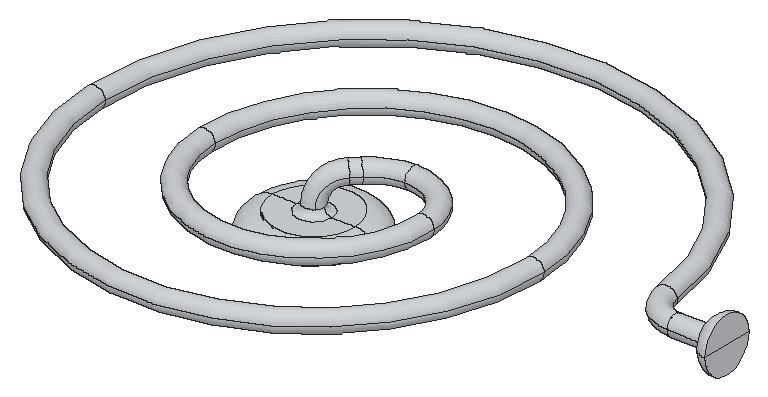
Revit family
Parameters
  Material = none
  Manufacturer = "Revit"
  Description = "Shower"
  Assembly Code = "D2010710"
Reference planes
  plane 1 "Center (Front/Back)": y = 0
  plane 2: z = 0
  plane 3 "Center (Left/Right)": x = 0
  plane 4: y = 80
  plane 5 "2": through (-56.569, 56.569, 0) normal (-0.7071, 0.7071, 0)
  plane 6: through (0, 0, 0) normal (0.7071, 0.7071, 0)
  plane 7: through (-38.34, -38.34, 0) normal (-0.7071, -0.7071, 0)
  plane 8: y = 18.229
  plane 9: x = 573.506
Forms (mm)
  Sweep 1, solid, material <- "Material"
    path origin (0, 0, 0) x (1, 0, 0) y (0, 1, 0)
      loop
        line (497.214, 0) -> (447.214, 0)
        arc (447.214, 0) -> (413.88, 12.732) -> (397.523, 44.444) r 50
        arc (397.523, 44.444) -> (-22.257, 399.38) -> (-400, 0) r 400
        arc (-400, 0) -> (-80, -320) -> (240, 0) r 320
        arc (240, 0) -> (0, 240) -> (-240, 0) r 240
        arc (-240, 0) -> (-80, -160) -> (80, 0) r 160
        arc (80, 0) -> (56.569, 56.569) -> (0, 80) r 80
        arc (0, 80) -> (-30.615, 73.91) -> (-56.569, 56.569) r 80
    profile origin (0, 0, 0) x (-0.993808, -0.111111, 0) y (0, 0, 1)
      loop
        circle (-400, 0) r 15
  Sweep 2, solid, material <- "Material"
    path origin (-56.569, 56.569, 0) x (-0.707107, -0.707107, 0) y (0, 0, 1)
      loop
        line (0, 0) -> (15, 0)
        arc (15, 0) -> (42.733, -11.488) -> (54.221, -39.221) r 39.221
    profile origin (-5.303, -5.303, 0) x (0, 0, 1) y (-0.707107, 0.707107, 0)
      loop
        circle (0, 80) r 15
  Revolve 3, solid, material <- "Material"
    sketch origin (0, 18.229, 0) x (1, 0, 0) y (0, 0, 1)
      loop
        line (-94.908, -39.221) -> (-109.931, -39.221)
        arc (-109.931, -39.221) -> (-113.266, -46.266) -> (-120.515, -49.129) r 10.607
        line (-120.515, -49.129) -> (-155.503, -49.129)
        arc (-155.503, -49.129) -> (-174.485, -54.759) -> (-187.33, -69.827) r 34.819
        line (-187.33, -69.827) -> (-94.908, -69.827) -> (-94.908, -39.221)
      axis (-94.908, -39.221) -> (-94.908, -69.827)
    angle from 0 to 360
  Revolve 4, solid, material <- "Material"
    sketch origin (0, 0, 0) x (1, 0, 0) y (0, 1, 0)
      loop
        line (497.214, 0) -> (521.619, 0) -> (521.619, 39.406)
        arc (521.619, 39.406) -> (504.362, 32.258) -> (497.214, 15) r 24.406
        line (497.214, 15) -> (497.214, 0)
      axis (497.214, 0) -> (521.619, 0)
    angle from 0 to 360
Dimensions and locks
  aligned and locked: Sweep 2 sketch curve to Sweep 1  (x2)
